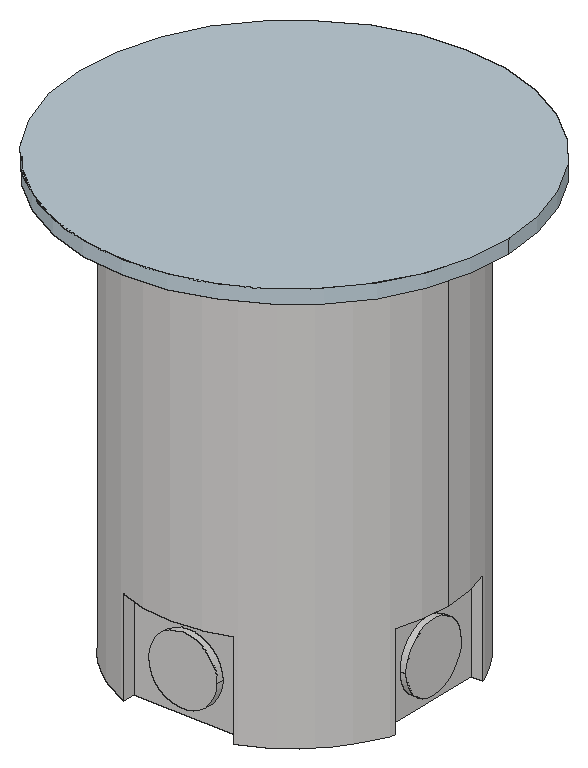
Revit family "Electrical_Equipment-Floor_Box-Hubbell_Wiring-AFBS1R4", category Electrical Fixtures, host Face, Revit 2015
Parameters
  URL = "http://www.hubbell-wiring.com"
  Product data url = "https://bimobject.com/hubbellwiring/product/hubbell-afbs1r4"
  Product Page URL = "http://www.hubbell-wiring.com/press/catalog/O.pdf"
  Product Material = Metal-Hubbell-Galvanized_Steel
  Product Documentation Link = "http://www.hubbell-wiring.com/press/catalog/O.pdf"
  Model = "AFBS1R4"  # constant formula
  Manufacturer Phone = "475-882-4820"  # constant formula
  Manufacturer Fax = "203-882-4852"  # constant formula
  Manufacturer = "Hubbell Wiring Device-Kellems"  # constant formula
  Description = "Raised Access Floor Box"  # constant formula
  Default Elevation = 48.00"
  Conduit Connector_5 Description = "0.5 in. Data Connection"  # constant formula
  Conduit Connector_4 Description = "0.5 in. Data Connection"  # constant formula
  Conduit Connector_3 Description = "0.5 in. Data Connection"  # constant formula
  Conduit Connector_2 Description = "0.5 in. Data Connection"  # constant formula
  Conduit Connector_1 Description = "1 in, 0.75 in & 0.5 in Data Connection"  # constant formula
  Conduit Connector 2 Radius [instance] = 0.69"
  Conduit Connector 1 Radius [instance] = 0.44"
  Box Cover [instance] = Cover : AFBS1R4ALU
  Assembly Code = "D5020115"
Reference planes (in)
  plane 1 "Center (Front/Back)": y = 0
  plane 2: z = 0
  plane 3 "Center (Left/Right)": x = 0
  plane 4: z = -4.99
  plane 5: x = 1.99
  plane 6: z = -5.56
  plane 7: x = -1.70556
  plane 8: x = 1.70556
  plane 9: x = -1.79556
  plane 10: x = 1.79556
  plane 11: y = -1.70556
  plane 12: y = 1.70556
  plane 13: y = -1.79556
  plane 14: y = 1.79556
  plane 15: x = -0.70647
  plane 16: x = 0.70647
  plane 17: y = 0.70647
  plane 18: y = -0.70647
  plane 19: x = 2.20556
  plane 20: x = -2.20556
  plane 21: y = 2.20556
  plane 22: y = -2.20556
  plane 23: z = -4.33
  plane 24: z = -5.65
Forms (in)
  Revolve 1, solid, material "Metal-Hubbell-Galvanized_Steel" <- "Product Material", detail levels medium+fine
    sketch origin (0, 0, 0) x (1, 0, 0) y (0, 0, 1)
      loop
        line (1.99, -5.56) -> (1.99, 0) -> (0, 0) -> (0, -5.56) -> (1.99, -5.56)
      axis (0, 0) -> (0, -5.56)
    angle from 0 to 360
  Extrusion 2, solid, material "Metal-Hubbell-Galvanized_Steel" <- "Product Material", detail levels medium+fine
    sketch origin (0, 0, 0) x (1, 0, 0) y (0, 1, 0)
      loop
        line (1.70556, 0.70647) -> (0.70647, 1.70556) -> (-0.70647, 1.70556) -> (-1.70556, 0.70647) -> (-1.70556, -0.70647) -> (-0.70647, -1.70556) -> (0.70647, -1.70556) -> (1.70556, -0.70647) -> (1.70556, 0.70647)
    from -5.56 to -4.33
  Extrusion 3, void
    sketch origin (0, 0, 0) x (1, 0, 0) y (0, 1, 0)
      loop
        line (1.70556, 0.70647) -> (0.70647, 1.70556) -> (0.70647, 2.20556) -> (-0.70647, 2.20556) -> (-0.70647, 1.70556) -> (-1.70556, 0.70647) -> (-2.20556, 0.70647) -> (-2.20556, -0.70647) -> (-1.70556, -0.70647) -> (-0.70647, -1.70556) -> (-0.70647, -2.20556) -> (0.70647, -2.20556) -> (0.70647, -1.70556) -> (1.70556, -0.70647) -> (2.20556, -0.70647) -> (2.20556, 0.70647) -> (1.70556, 0.70647)
    from -5.56 to -4.33
  Extrusion 4, solid, material "Metal-Hubbell-Galvanized_Steel" <- "Product Material", detail levels fine
    sketch origin (-0.67393, -1.70556, 0) x (1, 0, 0) y (0, 0, 1)
      loop
        circle (0.67393, -4.99) r 0.44
    from 0 to 0.09
  Extrusion 5, solid, material "Metal-Hubbell-Galvanized_Steel" <- "Product Material", detail levels fine
    sketch origin (-0.67393, 1.70556, 0) x (1, 0, 0) y (0, 0, -1)
      loop
        circle (0.67393, 4.99) r 0.44
    from 0 to 0.09
  Extrusion 6, solid, material "Metal-Hubbell-Galvanized_Steel" <- "Product Material", detail levels fine
    sketch origin (-1.70556, 0.67393, 0) x (0, -1, 0) y (0, 0, 1)
      loop
        circle (0.67393, -4.99) r 0.44
    from 0 to 0.09
  Extrusion 7, solid, material "Metal-Hubbell-Galvanized_Steel" <- "Product Material", detail levels fine
    sketch origin (1.70556, 0.67393, 0) x (0, -1, 0) y (0, 0, -1)
      loop
        circle (0.67393, 4.99) r 0.44
    from 0 to 0.09
  Extrusion 8, solid, material "Metal-Hubbell-Galvanized_Steel" <- "Product Material", detail levels fine
    sketch origin (-14.41288, -180, -5.56) x (-1, 0, 0) y (0, -1, 0)
      loop
        circle (-14.41288, -180) r 0.69
    from 0 to -0.09
  Extrusion 9, solid, material "Metal-Hubbell-Galvanized_Steel" <- "Product Material", detail levels coarse
    sketch origin (0, 0, 0) x (1, 0, 0) y (0, 1, 0)
      loop
        circle (0, 0) r 1.99
    from -5.56 to 0
Cuts and joins
  Extrusion 3 cuts Revolve 1
Lines and regions (in)
  symbolic lines
    curve 1: arc (2.75, 0, 0) -> (0, 2.75, 0) -> (-2.75, 0, 0) r 2.75
    curve 2: arc (-2.75, 0, 0) -> (0, -2.75, 0) -> (2.75, 0, 0) r 2.75
    curve 3: arc (1.99, 0, 0) -> (0, 1.99, 0) -> (-1.99, 0, 0) r 1.99
    curve 4: arc (-1.99, 0, 0) -> (0, -1.99, 0) -> (1.99, 0, 0) r 1.99
    curve 5: line (2.75, 0, 0.18) -> (-2.75, 0, 0.18)
    curve 6: line (2.75, 0, 0) -> (2.75, 0, 0.18)
    curve 7: line (-2.75, 0, 0) -> (2.75, 0, 0)
    curve 8: line (-2.75, 0, 0.18) -> (-2.75, 0, 0)
    curve 9: line (0, 2.75, 0.18) -> (0, -2.75, 0.18)
    curve 10: line (0, 2.75, 0) -> (0, 2.75, 0.18)
    curve 11: line (0, -2.75, 0) -> (0, 2.75, 0)
    curve 12: line (0, -2.75, 0.18) -> (0, -2.75, 0)
Dimensions and locks (in)
  locked: plane 5 to plane 3 "Center (Left/Right)" at 1.99
  locked: level to plane 6 at 5.56
  equal spacing: plane 7, plane 3 "Center (Left/Right)", plane 8, locked at 1.70556 each
  locked: plane 9 to plane 7 at 0.09
  locked: plane 8 to plane 10 at 0.09
  locked: plane 13 to plane 11 at 0.09
  locked: plane 12 to plane 14 at 0.09
  equal spacing: plane 12, plane 1 "Center (Front/Back)", plane 11, locked at 1.70556 each
  locked: Extrusion 2 sketch curve to Extrusion 2 sketch curve at 1.41293  (x4)
  equal spacing: plane 15, plane 3 "Center (Left/Right)", plane 16, locked at 0.70647 each
  locked: Extrusion 3 sketch curve to Extrusion 3 sketch curve at 1.41293  (x4)
  equal spacing: plane 20, plane 3 "Center (Left/Right)", plane 19, locked at 2.20556 each
  plane 22 to plane 21 = 4.41113"
  equal spacing: plane 22, plane 1 "Center (Front/Back)", plane 21, locked at 2.20556 each
  locked: plane 23 to plane 6 at 1.23
  locked: plane 6 to plane 24 at 0.09
  "Conduit Connector 1 Radius": radius of Extrusion 4 sketch curve
  "Conduit Connector 1 Radius": radius of Extrusion 5 sketch curve
  "Conduit Connector 1 Radius": radius of Extrusion 6 sketch curve
  "Conduit Connector 1 Radius": radius of Extrusion 7 sketch curve
  "Conduit Connector 2 Radius": radius of Extrusion 8 sketch curve
  radius of Extrusion 9 sketch curve = 1.99"
  aligned and locked: plane 2 to host face
  aligned and locked: level to host face
  aligned and locked: Revolve 1 sketch curve to plane 3 "Center (Left/Right)"
  aligned and locked: level to Revolve 1 sketch curve
  aligned and locked: plane 3 "Center (Left/Right)" to nested 1
  aligned and locked: plane 1 "Center (Front/Back)" to nested 1
  aligned and locked: plane 5 to Revolve 1 sketch curve
  aligned and locked: plane 7 to Extrusion 6
  aligned and locked: plane 9 to Extrusion 6
  aligned and locked: plane 10 to Extrusion 7
  aligned and locked: plane 8 to Extrusion 2  (x2)
  aligned and locked: plane 7 to Extrusion 2  (x2)
  aligned and locked: Extrusion 6 to plane 9
  aligned and locked: plane 8 to Extrusion 7
  aligned and locked: Extrusion 7 to plane 10
  aligned and locked: plane 3 "Center (Left/Right)" to Extrusion 8 sketch curve
  aligned and locked: plane 1 "Center (Front/Back)" to Extrusion 8 sketch curve
  aligned and locked: Extrusion 2 to Extrusion 5
  aligned and locked: Extrusion 2 to Extrusion 7
  aligned and locked: Extrusion 2 to Extrusion 4
  aligned and locked: Extrusion 2 to Extrusion 6
  aligned and locked: plane 15 to Extrusion 3 sketch curve
  aligned and locked: Extrusion 3 sketch curve to plane 16
  aligned and locked: Extrusion 3 sketch curve to plane 15
  aligned and locked: Extrusion 3 sketch curve to plane 17
  aligned and locked: plane 17 to Extrusion 3 sketch curve
  aligned and locked: Extrusion 3 sketch curve to plane 18
  aligned and locked: plane 18 to Extrusion 3 sketch curve
  aligned and locked: plane 19 to Extrusion 3 sketch curve
  aligned and locked: Extrusion 3 sketch curve to plane 20
  aligned and locked: plane 21 to Extrusion 3 sketch curve
  aligned and locked: Extrusion 3 sketch curve to plane 22
  aligned and locked: Extrusion 3 to Revolve 1
  aligned and locked: Extrusion 3 to nested 1
  aligned and locked: Revolve 1 sketch curve to plane 6
  aligned and locked: nested 1 to Extrusion 2
  aligned and locked: plane 23 to nested 1
  aligned and locked: curve 3 to nested 1
  aligned and locked: curve 4 to nested 1
  aligned and locked: nested 1 to curve 9
  aligned and locked: plane 14 to Extrusion 5
  aligned and locked: plane 13 to Extrusion 4
  aligned and locked: plane 7 to Extrusion 3 sketch curve  (x2)
  aligned and locked: plane 16 to Extrusion 3 sketch curve
  aligned and locked: Extrusion 8 to nested 1
  aligned and locked: nested 1 to Extrusion 4 sketch curve  (x2)
  aligned and locked: nested 1 to Extrusion 7 sketch curve  (x2)
  aligned and locked: nested 1 to Extrusion 6 sketch curve  (x2)
  aligned and locked: Extrusion 2 to plane 6
  aligned and locked: plane 23 to cut or joined group of Revolve 1, Extrusion 3
  aligned and locked: nested 1 to Extrusion 8
  aligned and locked: plane 4 to Extrusion 5 sketch curve
  aligned and locked: plane 3 "Center (Left/Right)" to Extrusion 5 sketch curve
  aligned and locked: Extrusion 9 to nested 1
  aligned and locked: plane 2 to Extrusion 9
Automatic sketch dimensions
  host sketch curve to host sketch curve = 96.00"  (x2)
  Revolve 1 sketch curve to plane 3 "Center (Left/Right)" = 0.00"
  Revolve 1 sketch curve to Revolve 1 sketch curve = 102.71882"
  plane 1 "Center (Front/Back)" to curve 2 = 0.00"
  curve 2 to plane 3 "Center (Left/Right)" = 0.00"
  curve 1 to curve 1 = 2.75"
  Extrusion 2 sketch curve to plane 3 "Center (Left/Right)" = 0.70647"  (x2)
  plane 3 "Center (Left/Right)" to Extrusion 2 sketch curve = 0.70647"  (x2)
  Extrusion 2 sketch curve to Extrusion 2 sketch curve = 0.9991"
  plane 1 "Center (Front/Back)" to Extrusion 2 sketch curve = 0.70647"  (x2)
  Extrusion 2 sketch curve to plane 1 "Center (Front/Back)" = 0.70647"
  Revolve 1 sketch curve to Revolve 1 sketch curve = 18.44"
  curve 1 to curve 3 = 0.00"  (x2)
  curve 4 to plane 5 = 0.00"
  plane 13 to curve 9 = 0.95444"
  plane 14 to curve 11 = 0.95444"
  Extrusion 3 sketch curve to plane 8 = 0.00"
  Extrusion 3 sketch curve to plane 11 = 0.00"
  plane 1 "Center (Front/Back)" to Extrusion 9 sketch curve = 0.00"
  Extrusion 9 sketch curve to plane 3 "Center (Left/Right)" = 0.00"
  curve 11 to level = 0.00"
  curve 7 to level = 0.00"
  level to curve 5 = 0.18"
  plane 9 to curve 5 = 0.95444"
  plane 5 to curve 7 = 0.76"
Nested families (in)
  nested 1: "Cover" at (0, 0, 0), type <- "Box Cover", type "AFBS1R4ALU"
    with Cover yes
Connectors (in)
  cabletrayconduit at (0, 0, -5.65), diameter 1.38, driven by "Conduit Connector 2 Radius", driven by "Conduit Connector_1 Description"
    settings: on Extrusion 8, index 1, connector width 12.00", connector height 12.00", connector angle 0.00°, system type 32, placement type 0, profile type 0, connector reference index -1, is primary connector yes, connector utility param no, connector description "1 in, 0.75 in & 0.5 in Data Connection"
  cabletrayconduit at (0, -1.79556, -4.99), diameter 0.88, driven by "Conduit Connector 1 Radius", driven by "Conduit Connector_2 Description"
    settings: on Extrusion 4, index 2, connector width 12.00", connector height 12.00", connector angle 0.00°, system type 32, placement type 0, profile type 0, connector reference index -1, is primary connector no, connector utility param no, connector description "0.5 in. Data Connection"
  cabletrayconduit at (1.79556, 0, -4.99), diameter 0.88, driven by "Conduit Connector_3 Description", driven by "Conduit Connector 1 Radius"
    settings: on Extrusion 7, index 3, connector width 12.00", connector height 12.00", connector angle 0.00°, system type 32, placement type 0, profile type 0, connector reference index -1, is primary connector no, connector utility param no, connector description "0.5 in. Data Connection"
  cabletrayconduit at (0, 1.79556, -4.99), diameter 0.88, driven by "Conduit Connector_4 Description", driven by "Conduit Connector 1 Radius"
    settings: on Extrusion 5, index 4, connector width 12.00", connector height 12.00", connector angle 0.00°, system type 32, placement type 0, profile type 0, connector reference index -1, is primary connector no, connector utility param no, connector description "0.5 in. Data Connection"
  cabletrayconduit at (-1.79556, 0, -4.99), diameter 0.88, driven by "Conduit Connector_5 Description", driven by "Conduit Connector 1 Radius"
    settings: on Extrusion 6, index 5, connector width 12.00", connector height 12.00", connector angle 0.00°, system type 32, placement type 0, profile type 0, connector reference index -1, is primary connector no, connector utility param no, connector description "0.5 in. Data Connection"
Definition of nested family "Cover"
  Parameters
    Temporary cover = yes
    Product Material = none
    Cover = no
    Default Elevation = 48.00"
  Reference planes (in)
    plane 1 "Center (Front/Back)": y = 0
    plane 2: z = 0
    plane 3 "Center (Left/Right)": x = 0
    plane 4: z = -5.65
    plane 5: z = -4.33
    plane 6: y = 1.572
    plane 7: y = -1.572
    plane 8: y = 0.798
    plane 9: y = -0.798
    plane 10: y = 1.452
    plane 11: y = -1.452
    plane 12: y = 1
    plane 13: y = -1
    plane 14: z = -5.56
    plane 15: z = -4.99
    plane 16: x = -2.765
    plane 17: x = 2.765
    plane 18: z = 0.18
    plane 19: x = -1.99
    plane 20: x = 1.99
  Forms (in)
    Extrusion 1, solid
      sketch origin (0, 0, 0) x (1, 0, 0) y (0, 1, 0)
        loop
          line (-48, 48) -> (-48, -48) -> (48, -48) -> (48, 48) -> (-48, 48)
      from 0 to -2
    Extrusion 2, solid, material <- "Product Material", visible <- "Temporary cover"
      sketch origin (0, 0, 0) x (1, 0, 0) y (0, 1, 0)
        loop
          circle (0, 0) r 2.765
      from 0 to 0.18
  Lines and regions (in)
    model lines, visible <- "Cover", detail levels medium+fine
      curve 1: line (-0.72244, 1.85423, 0.18) -> (-0.72244, 1.54641, 0.18)
      curve 2: line (-0.53026, 1.35423, 0.18) -> (0, 1.35423, 0.18)
      curve 3: arc (-0.72244, 1.54641, 0.18) -> (-0.66615, 1.41052, 0.18) -> (-0.53026, 1.35423, 0.18) r 0.19218
      curve 4: line (0.72244, 1.85423, 0.18) -> (0.72244, 1.54641, 0.18)
      curve 5: line (0.53026, 1.35423, 0.18) -> (0, 1.35423, 0.18)
      curve 6: arc (0.72244, 1.54641, 0.18) -> (0.66615, 1.41052, 0.18) -> (0.53026, 1.35423, 0.18) r 0.19218
      curve 7: line (-0.3144, -1.96501, 0.18) -> (-0.3144, -1.452, 0.18)
      curve 8: line (-0.3144, -1.452, 0.18) -> (0, -1.452, 0.18)
      curve 9: line (-0.3144, -1.572, 0.18) -> (0, -1.572, 0.18)
      curve 10: line (0.3144, -1.96501, 0.18) -> (0.3144, -1.452, 0.18)
      curve 11: line (0.3144, -1.452, 0.18) -> (0, -1.452, 0.18)
      curve 12: line (0.3144, -1.572, 0.18) -> (0, -1.572, 0.18)
      curve 13: line (0, -1, 0.18) -> (-0.5, -1, 0.18)
      curve 14: line (-0.5, -1, 0.18) -> (-0.5, -0.8814, 0.18)
      curve 15: line (-0.5, -0.8814, 0.18) -> (0, -0.8814, 0.18)
      curve 16: line (-0.5, -0.8814, 0.18) -> (-0.5, -0.798, 0.18)
      curve 17: line (-0.5, -0.798, 0.18) -> (-0.8873, -0.65704, 0.18)
      curve 18: line (-0.8873, -0.65704, 0.18) -> (-0.8873, 0.798, 0.18)
      curve 19: line (-0.8873, 0.798, 0.18) -> (-0.5, 0.798, 0.18)
      curve 20: line (-0.5, 0.798, 0.18) -> (-0.5, 1, 0.18)
      curve 21: line (-0.5, 1, 0.18) -> (0, 1, 0.18)
      curve 22: line (-0.5, 0.798, 0.18) -> (-0.5, 0.298, 0.18)
      curve 23: line (-0.5, 0.298, 0.18) -> (-0.65672, -0.13257, 0.18)
      curve 24: line (-0.5073, -0.453, 0.18) -> (-0.41471, -0.4867, 0.18)
      curve 25: line (-0.41471, -0.4867, 0.18) -> (0, -0.4867, 0.18)
      curve 26: line (-0.67176, -0.22242, 0.18) -> (-0.8873, -0.22242, 0.18)
      curve 27: line (-0.8873, 0.19787, 0.18) -> (-0.5, 0.298, 0.18)
      curve 28: line (-0.5, 0.548, 0.18) -> (-0.8873, 0.798, 0.18)
      curve 29: line (0, 0, 0.18) -> (-0.38538, 0, 0.18)
      curve 30: line (-0.38538, -0.16189, 0.18) -> (0, -0.16189, 0.18)
      curve 31: line (-0.38538, 0, 0.18) -> (-0.38538, -0.16189, 0.18)
      curve 32: line (0, -1, 0.18) -> (0.5, -1, 0.18)
      curve 33: line (0.5, -1, 0.18) -> (0.5, -0.8814, 0.18)
      curve 34: line (0.5, -0.8814, 0.18) -> (0, -0.8814, 0.18)
      curve 35: line (0.5, -0.8814, 0.18) -> (0.5, -0.798, 0.18)
      curve 36: line (0.5, -0.798, 0.18) -> (0.8873, -0.65704, 0.18)
      curve 37: line (0.8873, -0.65704, 0.18) -> (0.8873, 0.798, 0.18)
      curve 38: line (0.8873, 0.798, 0.18) -> (0.5, 0.798, 0.18)
      curve 39: line (0.5, 0.798, 0.18) -> (0.5, 1, 0.18)
      curve 40: line (0.5, 1, 0.18) -> (0, 1, 0.18)
      curve 41: line (0.5, 0.798, 0.18) -> (0.5, 0.298, 0.18)
      curve 42: line (0.67176, -0.22242, 0.18) -> (0.8873, -0.22242, 0.18)
      curve 43: line (0.8873, 0.19787, 0.18) -> (0.5, 0.298, 0.18)
      curve 44: line (0.5, 0.548, 0.18) -> (0.8873, 0.798, 0.18)
      curve 45: line (0, 0, 0.18) -> (0.38538, 0, 0.18)
      curve 46: line (0.38538, -0.16189, 0.18) -> (0, -0.16189, 0.18)
      curve 47: line (0.38538, 0, 0.18) -> (0.38538, -0.16189, 0.18)
      curve 48: arc (-0.5073, -0.453, 0.18) -> (-0.64837, -0.32373, 0.18) -> (-0.65672, -0.13257, 0.18) r 0.25
      curve 49: line (0.5, 0.298, 0.18) -> (0.65672, -0.13257, 0.18)
      curve 50: line (0.5073, -0.453, 0.18) -> (0.41471, -0.4867, 0.18)
      curve 51: arc (0.5073, -0.453, 0.18) -> (0.64837, -0.32373, 0.18) -> (0.65672, -0.13257, 0.18) r 0.25
      curve 52: line (0.41471, -0.4867, 0.18) -> (0, -0.4867, 0.18)
      curve 53: circle (-1.04834, 1.452, 0.18) r 0.16104 normal (0, 0, 1)
      curve 54: line (-1.04834, 1.61304, 0.18) -> (-1.04834, 1.29096, 0.18)
      curve 55: line (-1.20939, 1.452, 0.18) -> (-0.8873, 1.452, 0.18)
      curve 56: circle (0.94438, -1.452, 0.18) r 0.16104 normal (0, 0, 1)
      curve 57: line (0.94438, -1.29096, 0.18) -> (0.94438, -1.61304, 0.18)
      curve 58: line (0.78334, -1.452, 0.18) -> (1.10543, -1.452, 0.18)
      curve 59: line (0, -1.572, 0.18) -> (0, -1.99, 0.18)
      curve 60: arc (1.99, 0, 0.18) -> (0, 1.99, 0.18) -> (-1.99, 0, 0.18) r 1.99
      curve 61: arc (-1.99, 0, 0.18) -> (0, -1.99, 0.18) -> (1.99, 0, 0.18) r 1.99
  Dimensions and locks (in)
    locked: level to plane 4 at 5.65
    locked: level to plane 5 at 4.33
    plane 1 "Center (Front/Back)" to plane 10 = 1.452"
    plane 1 "Center (Front/Back)" to plane 12 = 1.00"
    locked: plane 14 to plane 4 at 0.09
    equal spacing: plane 5, plane 15, plane 4
    plane 16 to plane 17 = 5.53"
    locked: plane 18 to level at 0.18
    equal spacing: plane 19, plane 3 "Center (Left/Right)", plane 20
    aligned and locked: plane 2 to Extrusion 1
    aligned and locked: level to Extrusion 1
    aligned and locked: plane 18 to Extrusion 2
    aligned and locked: Extrusion 2 to level
  Automatic sketch dimensions
    Extrusion 1 sketch curve to Extrusion 1 sketch curve = 96.00"  (x2)
    plane 1 "Center (Front/Back)" to Extrusion 2 sketch curve = 0.00"
    Extrusion 2 sketch curve to plane 3 "Center (Left/Right)" = 0.00"
    plane 11 to curve 58 = 0.00"
    plane 11 to curve 56 = 0.00"
    curve 39 to plane 8 = 0.00"
    plane 9 to curve 35 = 0.00"
    plane 1 "Center (Front/Back)" to curve 45 = 0.00"
    curve 25 to plane 3 "Center (Left/Right)" = 0.00"
    curve 13 to plane 3 "Center (Left/Right)" = 0.00"
    curve 15 to plane 3 "Center (Left/Right)" = 0.00"
    curve 46 to plane 3 "Center (Left/Right)" = 0.00"
    curve 21 to plane 3 "Center (Left/Right)" = 0.00"
    curve 29 to plane 3 "Center (Left/Right)" = 0.00"
    curve 59 to plane 3 "Center (Left/Right)" = 0.00"
    curve 2 to plane 3 "Center (Left/Right)" = 0.00"
    curve 8 to plane 3 "Center (Left/Right)" = 0.00"
    plane 11 to curve 8 = 0.00"
    plane 7 to curve 9 = 0.00"
    plane 9 to curve 16 = 0.00"
    curve 14 to plane 13 = 0.00"
    curve 22 to plane 8 = 0.00"
    plane 12 to curve 21 = 0.00"
    curve 55 to plane 10 = 0.00"
    curve 53 to plane 10 = 0.00"
    plane 1 "Center (Front/Back)" to curve 47 = 0.16189"
    curve 52 to curve 46 = 0.02933"
    curve 51 to curve 46 = 0.03641"
    curve 49 to curve 45 = 0.11462"
    curve 34 to curve 50 = 0.08529"
    curve 50 to curve 50 = 0.09258"
    curve 5 to plane 10 = 0.09777"
    curve 5 to curve 39 = 0.03026"
    curve 6 to plane 6 = 0.02559"
    plane 1 "Center (Front/Back)" to curve 49 = 0.13257"
    curve 42 to curve 51 = 0.01504"
    curve 58 to curve 10 = 0.46894"
    curve 43 to plane 1 "Center (Front/Back)" = 0.19787"
    curve 42 to curve 42 = 0.21554"
    curve 36 to plane 9 = 0.14096"
    plane 7 to curve 57 = 0.04104"
    curve 57 to curve 56 = 0.00"
    curve 11 to curve 8 = 0.3144"
    curve 30 to curve 30 = 0.38538"
    curve 30 to curve 24 = 0.02933"
    curve 30 to curve 48 = 0.03641"
    curve 25 to curve 16 = 0.08529"
    curve 29 to curve 27 = 0.11462"
    curve 25 to curve 24 = 0.09258"
    curve 3 to plane 6 = 0.02559"
    plane 1 "Center (Front/Back)" to curve 23 = 0.13257"
    curve 48 to curve 26 = 0.01504"
    curve 26 to curve 26 = 0.21554"
    curve 1 to curve 55 = 0.16486"
    curve 27 to plane 1 "Center (Front/Back)" = 0.19787"
    curve 17 to plane 9 = 0.14096"
    plane 6 to curve 54 = 0.04104"
    curve 53 to curve 54 = 0.00"
    plane 6 to curve 1 = 0.28223"
    plane 6 to curve 4 = 0.28223"
    curve 44 to plane 8 = 0.25"
    curve 19 to curve 28 = 0.25"
    curve 44 to curve 43 = 0.25"
    curve 28 to curve 23 = 0.25"
    curve 46 to curve 51 = 0.05619"
    curve 30 to curve 48 = 0.05619"
    curve 51 to curve 42 = 0.08985"
    plane 1 "Center (Front/Back)" to curve 26 = 0.22242"
    curve 24 to curve 24 = 0.0337"
    plane 9 to curve 16 = 0.0834"
    curve 10 to curve 59 = 0.02499"
    plane 1 "Center (Front/Back)" to curve 60 = 0.00"
    curve 61 to plane 20 = 0.00"
    curve 61 to plane 3 "Center (Left/Right)" = 0.00"
    radius of Extrusion 2 sketch curve = 2.765"
